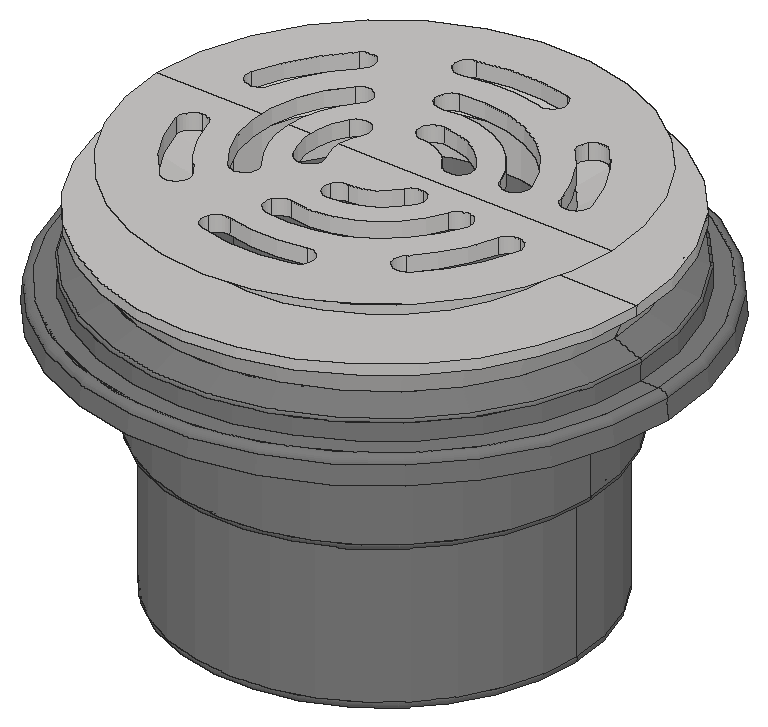
Revit family "PlumbingFixture_Drain_Galvin_DVV", category Plumbing Fixtures, host Face, Revit 2011
Parameters (values of type "DV4S06VX - ST/ST 316")
  URL = "www.galvinengineering.com.au"
  Type Comments = "Round Vinyl"
  StyleOrType_ANZRS = "Drain"
  ModifiedIssue_ANZRS = 20140526.01  # constant formula
  Model = "DV4S06VX - ST/ST 316"
  Manufacturer = "Galvin Engineering"
  Keynote = "10800"
  Instructions = "http://www.galvinengineering.com.au/Installation_Guides_1.aspx"
  GrateMaterial = Metal_Drains_Stainless-Steel_15400
  FilterObject_ANZRS = "DVVX"
  OutletRadius_DoNotEdit = 50 mm
  DimTop = 150 mm  # constant formula
  DimOutlet = if(OutletRadius_DoNotEdit > 0 mm, (OutletRadius_DoNotEdit * 2), (OutletRadius_DoNotEdit * 2))  # 100 mm
  DimGrateHeight = 35 mm  # constant formula
  DimBodyHeight = 92 mm  # constant formula
  DimAdjustableTop = 58 mm  # constant formula
  Description = "Round Vinyl Vertical Drain Combination - Standard"
  Default Elevation = 0 mm
  CreatedBy_ANZRS = "Galvin Engineering"
  CreatedByURL_ANZRS = "www.galvinengineering.com.au"
  CreatedByPhoneNo_ANZRS = "61-8-92495900"
  Circulation_ANZRS = yes
  CHWFlow_ANZRS = 3.7 L/s
  BodyMaterial = Metal_Drains_Cast-Iron_15400
  Assembly Code = "D2040200"
  Application = "PVC/HDPE"
Reference planes
  plane 1 "Center (Front/Back)": y = 0
  plane 2 "Face": z = 0
  plane 3 "Center (Left/Right)": x = 0
  plane 4 "Left": x = -75
  plane 5 "Right": x = 75
  plane 6 "AdjustableTop": z = 71.108
  plane 7 "GrateHeight": z = -21.892
  plane 8 "Bottom": z = -113.892
Forms (mm)
  Revolve 1, solid, material "Metal_Drains_Cast-Iron_15400" <- "BodyMaterial"
    sketch origin (0, 0, 0) x (1, 0, 0) y (0, 0, 1)
      loop
        line (84.897, -21.892) -> (84.897, -16.381)
        arc (84.897, -16.381) -> (84.729, -15.827) -> (84.282, -15.458) r 1
        line (84.282, -15.458) -> (76.089, -12.04) -> (50, -12.04) -> (50, -113.892) -> (60.734, -113.892)
        arc (60.734, -113.892) -> (62.855, -113.014) -> (63.734, -110.892) r 3
        line (63.734, -110.892) -> (63.734, -65.566)
        arc (63.734, -65.566) -> (63.923, -64.981) -> (64.418, -64.617) r 1
        line (64.418, -64.617) -> (66.781, -63.829)
        arc (66.781, -63.829) -> (67.767, -63.104) -> (68.143, -61.94) r 1.992
        line (68.143, -61.94) -> (68.143, -34.643)
        arc (68.143, -34.643) -> (68.799, -32.955) -> (70.422, -32.153) r 2.5
        line (70.422, -32.153) -> (94.009, -30.063) -> (93.472, -24.155)
        arc (93.472, -24.155) -> (92.578, -22.457) -> (90.744, -21.892) r 2.5
        line (90.744, -21.892) -> (84.897, -21.892)
      axis (0, -12.04) -> (0, -113.892)
    angle from 0 to 360
  Revolve 2, solid, material "Metal_Drains_Stainless-Steel_15400" <- "GrateMaterial"
    sketch origin (0, 0, 0) x (1, 0, 0) y (0, 0, 1)
      loop
        line (50, -12.04) -> (76.089, -12.04) -> (80.488, -3.233) -> (83.427, -3.233) -> (83.427, 0) -> (56.974, 0) -> (56.974, 2.939) -> (75, 13.108) -> (0, 13.108) -> (0, 8.108) -> (62.065, 8.108) -> (50, 1.302) -> (50, -12.04)
      axis (0, 13.108) -> (0, -12.04)
    angle from 0 to 360
  Extrusion 3, void
    sketch origin (0, 0, 0) x (1, 0, 0) y (0, 1, 0)
      loop
        arc (-41.515, 41.216) -> (-50.662, 29.25) -> (-56.451, 15.345) r 58.5
        arc (-56.451, 15.345) -> (-55.835, 11.641) -> (-52.624, 9.694) r 4.5
        arc (-52.624, 9.694) -> (-49.585, 10.439) -> (-47.767, 12.985) r 4.5
        arc (-47.767, 12.985) -> (-42.868, 24.75) -> (-35.128, 34.875) r 49.5
        arc (-35.128, 34.875) -> (-33.833, 37.722) -> (-34.707, 40.726) r 4.5
        arc (-34.707, 40.726) -> (-37.999, 42.534) -> (-41.515, 41.216) r 4.5
      loop
        arc (-30.838, 26.254) -> (-40.5, 0) -> (-30.838, -26.254) r 40.5
        arc (-30.838, -26.254) -> (-27.261, -27.834) -> (-23.797, -26.017) r 4.5
        arc (-23.797, -26.017) -> (-22.914, -23.186) -> (-23.985, -20.419) r 4.5
        arc (-23.985, -20.419) -> (-31.5, 0) -> (-23.985, 20.419) r 31.5
        arc (-23.985, 20.419) -> (-22.914, 23.186) -> (-23.797, 26.017) r 4.5
        arc (-23.797, 26.017) -> (-27.261, 27.834) -> (-30.838, 26.254) r 4.5
      loop
        arc (-47.767, -12.985) -> (-49.585, -10.439) -> (-52.624, -9.694) r 4.5
        arc (-52.624, -9.694) -> (-55.835, -11.641) -> (-56.451, -15.345) r 4.5
        arc (-56.451, -15.345) -> (-50.662, -29.25) -> (-41.515, -41.216) r 58.5
        arc (-41.515, -41.216) -> (-37.999, -42.534) -> (-34.707, -40.726) r 4.5
        arc (-34.707, -40.726) -> (-33.833, -37.722) -> (-35.128, -34.875) r 4.5
        arc (-35.128, -34.875) -> (-42.868, -24.75) -> (-47.767, -12.985) r 49.5
      loop
        arc (-21.022, 11.579) -> (-24, 0) -> (-21.022, -11.579) r 24
        arc (-21.022, -11.579) -> (-17.383, -13.898) -> (-13.466, -12.089) r 4.5
        arc (-13.466, -12.089) -> (-12.591, -9.711) -> (-13.139, -7.237) r 4.5
        arc (-13.139, -7.237) -> (-15, 0) -> (-13.139, 7.237) r 15
        arc (-13.139, 7.237) -> (-12.591, 9.711) -> (-13.466, 12.089) r 4.5
        arc (-13.466, 12.089) -> (-17.383, 13.898) -> (-21.022, 11.579) r 4.5
      loop
        arc (0.302, -14.997) -> (-2.114, -15.759) -> (-3.736, -17.706) r 4.5
        arc (-3.736, -17.706) -> (-3.344, -22.003) -> (0.483, -23.995) r 4.5
        arc (0.483, -23.995) -> (12, -20.785) -> (20.539, -12.416) r 24
        arc (20.539, -12.416) -> (20.727, -8.106) -> (17.202, -5.618) r 4.5
        arc (17.202, -5.618) -> (14.705, -6.048) -> (12.837, -7.76) r 4.5
        arc (12.837, -7.76) -> (7.5, -12.99) -> (0.302, -14.997) r 15
      loop
        arc (12.837, 7.76) -> (14.705, 6.048) -> (17.202, 5.618) r 4.5
        arc (17.202, 5.618) -> (20.727, 8.106) -> (20.539, 12.416) r 4.5
        arc (20.539, 12.416) -> (12, 20.785) -> (0.483, 23.995) r 24
        arc (0.483, 23.995) -> (-3.344, 22.003) -> (-3.736, 17.706) r 4.5
        arc (-3.736, 17.706) -> (-2.114, 15.759) -> (0.302, 14.997) r 4.5
        arc (0.302, 14.997) -> (7.5, 12.99) -> (12.837, 7.76) r 15
      loop
        arc (29.676, 10.562) -> (31.537, 8.252) -> (34.43, 7.601) r 4.5
        arc (34.43, 7.601) -> (37.735, 9.692) -> (38.155, 13.58) r 4.5
        arc (38.155, 13.58) -> (20.25, 35.074) -> (-7.317, 39.834) r 40.5
        arc (-7.317, 39.834) -> (-10.475, 37.526) -> (-10.633, 33.618) r 4.5
        arc (-10.633, 33.618) -> (-8.622, 31.437) -> (-5.691, 30.982) r 4.5
        arc (-5.691, 30.982) -> (15.75, 27.28) -> (29.676, 10.562) r 31.5
      loop
        arc (12.638, 47.859) -> (15.752, 48.162) -> (17.916, 50.421) r 4.5
        arc (17.916, 50.421) -> (17.836, 54.175) -> (14.936, 56.561) r 4.5
        arc (14.936, 56.561) -> (0, 58.5) -> (-14.936, 56.561) r 58.5
        arc (-14.936, 56.561) -> (-17.836, 54.175) -> (-17.916, 50.421) r 4.5
        arc (-17.916, 50.421) -> (-15.752, 48.162) -> (-12.638, 47.859) r 4.5
        arc (-12.638, 47.859) -> (0, 49.5) -> (12.638, 47.859) r 49.5
      loop
        arc (47.767, 12.985) -> (49.585, 10.439) -> (52.624, 9.694) r 4.5
        arc (52.624, 9.694) -> (55.835, 11.641) -> (56.451, 15.345) r 4.5
        arc (56.451, 15.345) -> (50.662, 29.25) -> (41.515, 41.216) r 58.5
        arc (41.515, 41.216) -> (37.999, 42.534) -> (34.707, 40.726) r 4.5
        arc (34.707, 40.726) -> (33.833, 37.722) -> (35.128, 34.875) r 4.5
        arc (35.128, 34.875) -> (42.868, 24.75) -> (47.767, 12.985) r 49.5
      loop
        arc (-5.691, -30.982) -> (-8.622, -31.437) -> (-10.633, -33.618) r 4.5
        arc (-10.633, -33.618) -> (-10.475, -37.526) -> (-7.317, -39.834) r 4.5
        arc (-7.317, -39.834) -> (20.25, -35.074) -> (38.155, -13.58) r 40.5
        arc (38.155, -13.58) -> (37.735, -9.692) -> (34.43, -7.601) r 4.5
        arc (34.43, -7.601) -> (31.537, -8.252) -> (29.676, -10.562) r 4.5
        arc (29.676, -10.562) -> (15.75, -27.28) -> (-5.691, -30.982) r 31.5
      loop
        arc (-12.638, -47.859) -> (-15.752, -48.162) -> (-17.916, -50.421) r 4.5
        arc (-17.916, -50.421) -> (-17.836, -54.175) -> (-14.936, -56.561) r 4.5
        arc (-14.936, -56.561) -> (0, -58.5) -> (14.936, -56.561) r 58.5
        arc (14.936, -56.561) -> (17.836, -54.175) -> (17.916, -50.421) r 4.5
        arc (17.916, -50.421) -> (15.752, -48.162) -> (12.638, -47.859) r 4.5
        arc (12.638, -47.859) -> (0, -49.5) -> (-12.638, -47.859) r 49.5
      loop
        arc (35.128, -34.875) -> (33.833, -37.722) -> (34.707, -40.726) r 4.5
        arc (34.707, -40.726) -> (37.999, -42.534) -> (41.515, -41.216) r 4.5
        arc (41.515, -41.216) -> (50.662, -29.25) -> (56.451, -15.345) r 58.5
        arc (56.451, -15.345) -> (55.835, -11.641) -> (52.624, -9.694) r 4.5
        arc (52.624, -9.694) -> (49.585, -10.439) -> (47.767, -12.985) r 4.5
        arc (47.767, -12.985) -> (42.868, -24.75) -> (35.128, -34.875) r 49.5
    from 8.108 to 13.108
  Revolve 4, void
    sketch origin (0, 0, 0) x (1, 0, 0) y (0, 0, 1)
      loop
        line (84.897, -21.892) -> (84.897, -16.381)
        arc (84.897, -16.381) -> (84.729, -15.827) -> (84.282, -15.458) r 1
        line (84.282, -15.458) -> (76.089, -12.04) -> (80.488, -3.233) -> (83.427, -3.233) -> (83.427, 0) -> (0, 0) -> (0, -113.892) -> (60.734, -113.892)
        arc (60.734, -113.892) -> (62.855, -113.014) -> (63.734, -110.892) r 3
        line (63.734, -110.892) -> (63.734, -65.566)
        arc (63.734, -65.566) -> (63.923, -64.981) -> (64.418, -64.617) r 1
        line (64.418, -64.617) -> (66.781, -63.829)
        arc (66.781, -63.829) -> (67.767, -63.104) -> (68.143, -61.94) r 1.992
        line (68.143, -61.94) -> (68.143, -34.643)
        arc (68.143, -34.643) -> (68.799, -32.955) -> (70.422, -32.153) r 2.5
        line (70.422, -32.153) -> (94.009, -30.063) -> (93.472, -24.155)
        arc (93.472, -24.155) -> (92.578, -22.457) -> (90.744, -21.892) r 2.5
        line (90.744, -21.892) -> (84.897, -21.892)
      axis (0, 0) -> (0, -113.892)
    angle from 0 to 360
Cuts and joins
  Extrusion 3 cuts Revolve 2
Lines and regions (mm)
  symbolic lines, style "Waste Outlets"
    curve 1: circle (0, 0, 0) r 67.5 normal (0, 0, 1)
    curve 2: circle (-27.375, 47.415, 0) r 7.5 normal (0, 0, 1)
    curve 5: circle (54.75, 0, 0) r 7.5 normal (0, 0, 1)
    curve 8: circle (-27.375, -47.415, 0) r 7.5 normal (0, 0, 1)
  symbolic lines, style "Waste Outlets", detail levels medium+fine
    curve 3: circle (-27.375, 47.415, 0) r 6 normal (0, 0, 1)
    curve 4: circle (-27.375, 47.415, 0) r 2.166 normal (0, 0, 1)
    curve 6: circle (54.75, 0, 0) r 6 normal (0, 0, 1)
    curve 7: circle (54.75, 0, 0) r 2.166 normal (0, 0, 1)
    curve 9: circle (-27.375, -47.415, 0) r 6 normal (0, 0, 1)
    curve 10: circle (-27.375, -47.415, 0) r 2.166 normal (0, 0, 1)
Dimensions and locks
  "DimTop": plane 4 "Left" to plane 5 "Right"
  "DimGrateHeight": cut or joined group of Revolve 2, Extrusion 3 to plane 7 "GrateHeight"
  "DimBodyHeight": plane 7 "GrateHeight" to plane 8 "Bottom"
  "DimAdjustableTop": plane 6 "AdjustableTop" to cut or joined group of Revolve 2, Extrusion 3
  aligned and locked: plane 2 "Face" to host face
  aligned and locked: level to host face
Automatic sketch dimensions
  curve 2 to curve 3 = 0 mm  (x2)
  curve 2 to curve 4 = 0 mm  (x2)
  curve 3 to curve 4 = 0 mm  (x2)
  curve 5 to curve 6 = 0 mm  (x2)
  curve 5 to curve 7 = 0 mm  (x2)
  curve 6 to curve 7 = 0 mm  (x2)
  curve 8 to curve 9 = 0 mm  (x2)
  curve 8 to curve 10 = 0 mm  (x2)
  curve 9 to curve 10 = 0 mm  (x2)
  plane 1 "Center (Front/Back)" to curve 1 = 0 mm
  curve 1 to plane 3 "Center (Left/Right)" = 0 mm
  plane 1 "Center (Front/Back)" to curve 5 = 0 mm
  curve 10 to plane 3 "Center (Left/Right)" = 27.375 mm
  curve 4 to plane 3 "Center (Left/Right)" = 27.375 mm
  plane 5 "Right" to curve 5 = 20.25 mm
  plane 1 "Center (Front/Back)" to curve 10 = 47.415 mm
  curve 2 to plane 1 "Center (Front/Back)" = 47.415 mm
  host sketch curve to host sketch curve = 400 mm  (x2)
  Revolve 1 sketch curve to plane 3 "Center (Left/Right)" = 0 mm
  Revolve 1 sketch curve to level = 12.04 mm
  plane 5 "Right" to Revolve 1 sketch curve = 25 mm
  Revolve 1 sketch curve to Revolve 1 sketch curve = 10.734 mm
  Revolve 1 sketch curve to Revolve 1 sketch curve = 3 mm
  Revolve 1 sketch curve to Revolve 1 sketch curve = 0.684 mm
  Revolve 1 sketch curve to Revolve 1 sketch curve = 1 mm  (x2)
  Revolve 1 sketch curve to Revolve 1 sketch curve = 1.734 mm
  Revolve 1 sketch curve to Revolve 1 sketch curve = 0.63 mm
  Revolve 1 sketch curve to Revolve 1 sketch curve = 1.992 mm
  Revolve 1 sketch curve to Revolve 1 sketch curve = 2.279 mm
  Revolve 1 sketch curve to Revolve 1 sketch curve = 2.5 mm
  Revolve 1 sketch curve to plane 5 "Right" = 1.089 mm
  Revolve 1 sketch curve to plane 5 "Right" = 8.897 mm
  Revolve 1 sketch curve to Revolve 1 sketch curve = 0.385 mm
  Revolve 1 sketch curve to Revolve 1 sketch curve = 5.847 mm
  Revolve 1 sketch curve to Revolve 1 sketch curve = 0.238 mm
  Revolve 1 sketch curve to Revolve 1 sketch curve = 2.49 mm
  Revolve 1 sketch curve to Revolve 1 sketch curve = 0.537 mm
  Revolve 1 sketch curve to Revolve 1 sketch curve = 3.419 mm
  Revolve 1 sketch curve to Revolve 1 sketch curve = 5.511 mm
  Revolve 1 sketch curve to Revolve 1 sketch curve = 2.262 mm
  Revolve 1 sketch curve to Revolve 1 sketch curve = 5.908 mm
  Revolve 1 sketch curve to Revolve 1 sketch curve = 10.261 mm
  Revolve 1 sketch curve to Revolve 1 sketch curve = 27.296 mm
  Revolve 1 sketch curve to Revolve 1 sketch curve = 0.788 mm
  Revolve 1 sketch curve to Revolve 1 sketch curve = 16.943 mm
  Revolve 1 sketch curve to Revolve 1 sketch curve = 45.327 mm
  level to Revolve 1 sketch curve = 129.705 mm
  Revolve 2 sketch curve to plane 3 "Center (Left/Right)" = 0 mm  (x2)
  Revolve 2 sketch curve to level = 0 mm
  plane 5 "Right" to Revolve 2 sketch curve = 0 mm
  level to Revolve 2 sketch curve = 1.302 mm
  plane 5 "Right" to Revolve 2 sketch curve = 25 mm
  Revolve 2 sketch curve to Revolve 2 sketch curve = 6.974 mm
  Revolve 2 sketch curve to Revolve 2 sketch curve = 5.091 mm
  Revolve 2 sketch curve to plane 5 "Right" = 1.089 mm
  Revolve 2 sketch curve to plane 5 "Right" = 5.488 mm
  Revolve 2 sketch curve to Revolve 2 sketch curve = 2.939 mm  (x2)
  Revolve 2 sketch curve to level = 3.233 mm
  Revolve 2 sketch curve to level = 12.04 mm
  Revolve 2 sketch curve to level = 82.509 mm
  Revolve 2 sketch curve to Revolve 2 sketch curve = 5.168 mm
  level to Revolve 2 sketch curve = 13.108 mm
  Revolve 2 sketch curve to Revolve 2 sketch curve = 116.597 mm
  Extrusion 3 sketch curve to Extrusion 3 sketch curve = 0 mm  (x636)
  plane 1 "Center (Front/Back)" to Extrusion 3 sketch curve = 0 mm
  Extrusion 3 sketch curve to plane 3 "Center (Left/Right)" = 0 mm
  Extrusion 3 sketch curve to plane 3 "Center (Left/Right)" = 3.736 mm  (x2)
  Extrusion 3 sketch curve to plane 3 "Center (Left/Right)" = 5.691 mm  (x2)
  Extrusion 3 sketch curve to Extrusion 3 sketch curve = 0.813 mm  (x2)
  Extrusion 3 sketch curve to Extrusion 3 sketch curve = 4.129 mm  (x6)
  Extrusion 3 sketch curve to Extrusion 3 sketch curve = 5.321 mm  (x2)
  Extrusion 3 sketch curve to plane 1 "Center (Front/Back)" = 7.237 mm
  Extrusion 3 sketch curve to plane 3 "Center (Left/Right)" = 13.139 mm  (x2)
  Extrusion 3 sketch curve to Extrusion 3 sketch curve = 0.327 mm  (x2)
  Extrusion 3 sketch curve to Extrusion 3 sketch curve = 1.149 mm  (x4)
  Extrusion 3 sketch curve to Extrusion 3 sketch curve = 3.942 mm  (x2)
  Extrusion 3 sketch curve to Extrusion 3 sketch curve = 2.775 mm  (x2)
  Extrusion 3 sketch curve to Extrusion 3 sketch curve = 0.188 mm  (x2)
  Extrusion 3 sketch curve to Extrusion 3 sketch curve = 3.426 mm  (x2)
  Extrusion 3 sketch curve to Extrusion 3 sketch curve = 3.869 mm  (x2)
  Extrusion 3 sketch curve to Extrusion 3 sketch curve = 0.421 mm  (x4)
  Extrusion 3 sketch curve to Extrusion 3 sketch curve = 3.614 mm  (x2)
  Extrusion 3 sketch curve to Extrusion 3 sketch curve = 3.193 mm  (x2)
  Extrusion 3 sketch curve to Extrusion 3 sketch curve = 16.928 mm  (x2)
  Extrusion 3 sketch curve to Extrusion 3 sketch curve = 4.342 mm  (x4)
  Extrusion 3 sketch curve to Extrusion 3 sketch curve = 0.515 mm  (x8)
  plane 3 "Center (Left/Right)" to Extrusion 3 sketch curve = 0.302 mm  (x2)
  plane 3 "Center (Left/Right)" to Extrusion 3 sketch curve = 0.393 mm  (x2)
  plane 3 "Center (Left/Right)" to Extrusion 3 sketch curve = 12.638 mm  (x2)
  Extrusion 3 sketch curve to plane 1 "Center (Front/Back)" = 7.76 mm
  plane 3 "Center (Left/Right)" to Extrusion 3 sketch curve = 12.837 mm  (x2)
  plane 1 "Center (Front/Back)" to Extrusion 3 sketch curve = 7.76 mm
  Extrusion 3 sketch curve to Extrusion 3 sketch curve = 3.851 mm  (x2)
  Extrusion 3 sketch curve to Extrusion 3 sketch curve = 9.138 mm  (x2)
  Extrusion 3 sketch curve to Extrusion 3 sketch curve = 4.239 mm  (x2)
  Extrusion 3 sketch curve to Extrusion 3 sketch curve = 16.791 mm  (x2)
  Extrusion 3 sketch curve to Extrusion 3 sketch curve = 9.611 mm  (x2)
  Extrusion 3 sketch curve to Extrusion 3 sketch curve = 14.438 mm
  Extrusion 3 sketch curve to Extrusion 3 sketch curve = 6.986 mm
  Extrusion 3 sketch curve to Extrusion 3 sketch curve = 21.295 mm
  Extrusion 3 sketch curve to Extrusion 3 sketch curve = 8.621 mm
  Extrusion 3 sketch curve to Extrusion 3 sketch curve = 8.026 mm  (x2)
  Extrusion 3 sketch curve to plane 1 "Center (Front/Back)" = 7.601 mm
  Extrusion 3 sketch curve to plane 1 "Center (Front/Back)" = 9.694 mm  (x2)
  Revolve 4 sketch curve to plane 3 "Center (Left/Right)" = 0 mm  (x2)
  Revolve 4 sketch curve to level = 0 mm
  plane 5 "Right" to Revolve 4 sketch curve = 14.266 mm
  Revolve 4 sketch curve to Revolve 4 sketch curve = 3 mm
  Revolve 4 sketch curve to Revolve 4 sketch curve = 0.684 mm
  Revolve 4 sketch curve to Revolve 4 sketch curve = 1 mm  (x2)
  Revolve 4 sketch curve to Revolve 4 sketch curve = 1.734 mm
  Revolve 4 sketch curve to Revolve 4 sketch curve = 0.63 mm
  Revolve 4 sketch curve to Revolve 4 sketch curve = 1.992 mm
  Revolve 4 sketch curve to Revolve 4 sketch curve = 2.279 mm
  Revolve 4 sketch curve to Revolve 4 sketch curve = 2.5 mm
  Revolve 4 sketch curve to plane 5 "Right" = 1.089 mm
  Revolve 4 sketch curve to plane 5 "Right" = 5.488 mm
  Revolve 4 sketch curve to Revolve 4 sketch curve = 2.939 mm
  Revolve 4 sketch curve to plane 5 "Right" = 8.897 mm
  Revolve 4 sketch curve to Revolve 4 sketch curve = 0.385 mm
  Revolve 4 sketch curve to Revolve 4 sketch curve = 5.847 mm
  Revolve 4 sketch curve to Revolve 4 sketch curve = 0.238 mm
  Revolve 4 sketch curve to Revolve 4 sketch curve = 2.49 mm
  Revolve 4 sketch curve to Revolve 4 sketch curve = 0.537 mm
  Revolve 4 sketch curve to level = 3.233 mm
  Revolve 4 sketch curve to Revolve 4 sketch curve = 8.807 mm
  Revolve 4 sketch curve to Revolve 4 sketch curve = 3.419 mm
  Revolve 4 sketch curve to Revolve 4 sketch curve = 5.511 mm
  Revolve 4 sketch curve to Revolve 4 sketch curve = 2.262 mm
  Revolve 4 sketch curve to Revolve 4 sketch curve = 5.908 mm
  Revolve 4 sketch curve to Revolve 4 sketch curve = 10.261 mm
  Revolve 4 sketch curve to Revolve 4 sketch curve = 27.296 mm
  Revolve 4 sketch curve to Revolve 4 sketch curve = 0.788 mm
  Revolve 4 sketch curve to Revolve 4 sketch curve = 16.943 mm
  Revolve 4 sketch curve to Revolve 4 sketch curve = 45.327 mm
  Revolve 4 sketch curve to Revolve 4 sketch curve = 129.705 mm
  radius of curve 1 = 67.5 mm
  radius of curve 2 = 7.5 mm
  radius of curve 3 = 6 mm
  radius of curve 4 = 2.166 mm
  radius of curve 5 = 7.5 mm
  radius of curve 6 = 6 mm
  radius of curve 7 = 2.166 mm
  radius of curve 8 = 7.5 mm
  radius of curve 9 = 6 mm
  radius of curve 10 = 2.166 mm
Connectors
  piping at (0, 0, -113.892), driven by "OutletRadius_DoNotEdit"
    settings: on Revolve 1, index 1, connector radius 1.9685", flow factor 0, pipe flow 0.0 L/s, pressure drop 0.00 psi, fitting loss kfactor 0, connector angle 0.00°, fixture units 0, engagement length 0 mm, flow configuration 0, flow direction 0, fitting loss method 0, system type 28, joint type 0, gender type 0, connector reference index -1, connector utility 0, adjustable connector no, is connector primary yes, fitting loss table "", connector description ""
